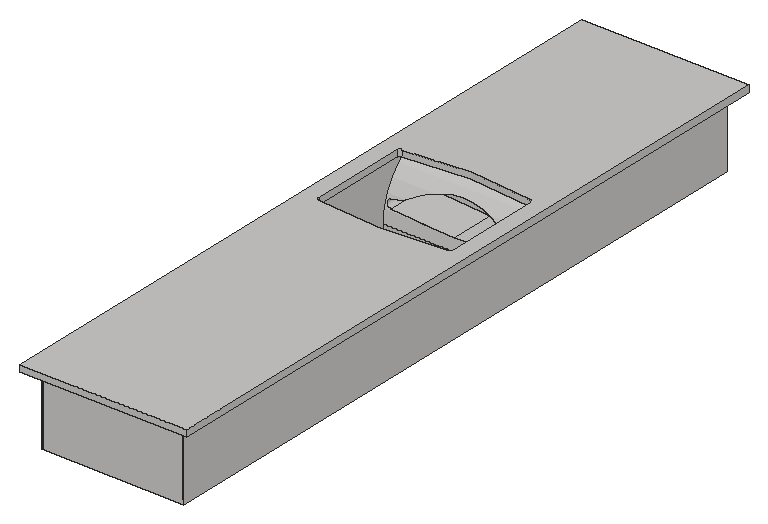
Revit family "Towel_Dispenser-Bradley_Corp-2017", category Specialty Equipment, host Face, Revit 2012
Parameters (values of type "Recessed")
  Width = 13"
  Warranty Information = "Complete unit, excepting mirrors warranted for one year.\r\n Stainless steel mirror frames for fifteen years.\r\n Plate glass mirrors for fifteen years.\r\n This warranty does not cover installation or any other labor charges and does not apply to any units,\r\n which have been damaged by accident, abuse, improper installation, improper maintenance, or altered in any way."
  Void Width = 11 3/4"
  Void Height = 53 5/8"
  Void Depth = 5 3/4"
  Version = "2.0"
  URL = "http://www.bradleycorp.com/"
  Type Comments = "Recessed"
  Technical Data = ""
  Specifications URL = "http://www.bradleycorp.com/3partspec"
  Product Tech Data URL - Spanish = ""
  Product Tech Data URL - French = ""
  Product Tech Data URL - English = "http://bradleycorp.com/download/115/8050.pdf"
  OmniClass Table 23 Title = "Paper Towel Dispenser, Disposal Units"
  OmniClass Table 23 Number = "23-31 25 19 11"
  OmniClass Table 21 Title = "Toilet, Bath, and Laundry Accessories"
  OmniClass Table 21 Number = "21-03 10 90 40"
  Modeling Code = ""
  Model = "2017-000000"
  MasterFormat Title = "Toilet Accessories"
  MasterFormat Number = "10 28 13. 13"
  Manufacturer = "Bradley Corporation"
  Industry Standards = ""
  Height = 55"
  Fire Rating = "n/a"
  Description = "Recessed Towel Dispenser/Waste Receptacle"
  Depth of which projects = 1/2"
  Depth = 6"
  Default Elevation = 48"
  Copyright = "This Model Data is Property of Bradley Corporation"
  Cabinet Material = Bradley Corp Stainless Steel - Satin
  Buy American Act = "Yes"
  Assembly Code = "C1030200"
  ADA Compliant = "Yes"
Types (4): name | Void Depth | Type Comments | Model | Description | Depth of which projects
  (no name) | 5 3/4" | "Recessed" | "2017-000000" | "Recessed Towel Dispenser/Waste Receptacle" | 1/2"
  Recessed | 5 3/4" | "Recessed" | "2017-000000" | "Recessed Towel Dispenser/Waste Receptacle" | 1/2"
  Semi-Recessed | 3 1/2" | "Semi-Recessed" | "2017-100000" | "Semi-Recessed Towel Dispenser/Waste Receptacle" | 2 1/2"
  Surface-Mounted | 1/128" | "Surface-Mounted" | "2017-110000" | "Surface-Mounted Towel Dispenser/Waste Receptacle" | 6"
Reference planes (in)
  plane 1 "Center (Front/Back)": y = 0
  plane 2: z = 0
  plane 3 "Center (Left/Right)": x = 0
  plane 4 "Front": z = 0.5
  plane 5 "Top": y = 27.5
  plane 6 "Right": x = 6.5
  plane 7 "Bottom": y = -27.5
  plane 8 "Left": x = -6.5
  plane 9 "Back": z = -5.5
  plane 10 "Panel": z = 0
  plane 11 "Center (Elevation)": y = 7
  plane 12: x = -5.5
  plane 13: x = 5.5
  plane 14: y = -26.5
  plane 15: y = 26.5
Forms (in)
  Extrusion 1, void
    sketch origin (0, 0, 0) x (1, 0, 0) y (0, 1, 0)
      loop
        line (-5.875, 26.8125) -> (-5.875, -26.8125) -> (5.875, -26.8125) -> (5.875, 26.8125) -> (-5.875, 26.8125)
    from -5.75 to 0.5
  Extrusion 2, solid, material "Bradley Corp Stainless Steel - Satin" <- "Cabinet Material", detail levels fine
    sketch origin (0, 0, 0) x (1, 0, 0) y (0, 1, 0)
      loop
        line (-6.5, 27.5) -> (-6.5, -27.5) -> (6.5, -27.5) -> (6.5, 27.5) -> (-6.5, 27.5)
      loop
        line (5.5, -26.5) -> (5.5, 26.5) -> (-5.5, 26.5) -> (-5.5, -26.5) -> (5.5, -26.5)
    from 0 to 0.5
  Extrusion 3, solid, material "Bradley Corp Stainless Steel - Satin" <- "Cabinet Material"
    sketch origin (0, 0, -5.5) x (-1, 0, 0) y (0, -1, 0)
      loop
        line (5.5, -26.5) -> (5.5, 26.5) -> (-5.5, 26.5) -> (-5.5, -26.5) -> (5.5, -26.5)
    from 0 to 0.25
  Extrusion 4, solid, material "Bradley Corp Stainless Steel - Satin" <- "Cabinet Material", detail levels fine
    sketch origin (0, 0, -5.5) x (-1, 0, 0) y (0, -1, 0)
      loop
        line (5.5, -26.5) -> (5.5, 26.5) -> (-5.5, 26.5) -> (-5.5, -26.5) -> (5.5, -26.5)
      loop
        line (5.5625, -26.5625) -> (5.5625, 26.5625) -> (-5.5625, 26.5625) -> (-5.5625, -26.5625) -> (5.5625, -26.5625)
    from 0 to 6
  Extrusion 5, solid, material "Bradley Corp Stainless Steel - Satin" <- "Cabinet Material", detail levels fine
    sketch origin (0, 0, -5.5) x (-1, 0, 0) y (0, -1, 0)
      loop
        line (6.5, -27.5) -> (6.5, 27.5) -> (-6.5, 27.5) -> (-6.5, -27.5) -> (6.5, -27.5)
      loop
        line (5.25, -7.77882) -> (5.25, -0.12517)
        arc (5.25, -0.12517) -> (5.19106, 0.03607) -> (5.04202, 0.12127) r 0.25
        arc (5.04202, 0.12127) -> (0, 0.54801) -> (-5.04202, 0.12127) r 30
        arc (-5.04202, 0.12127) -> (-5.19106, 0.03607) -> (-5.25, -0.12517) r 0.25
        line (-5.25, -0.12517) -> (-5.25, -7.77882)
        arc (-5.25, -7.77882) -> (-5.19106, -7.94006) -> (-5.04202, -8.02526) r 0.25
        arc (-5.04202, -8.02526) -> (0, -8.45199) -> (5.04202, -8.02526) r 30
        arc (5.04202, -8.02526) -> (5.19106, -7.94006) -> (5.25, -7.77882) r 0.25
    from 5.5 to 6
  Extrusion 6, solid, material "Bradley Corp Stainless Steel - Satin" <- "Cabinet Material", detail levels fine
    sketch origin (0, 0, 0) x (0, 1, 0) y (0, 0, 1)
      loop
        line (6.6875, -5.5) -> (26.5, -5.5) -> (26.5, 0) -> (9.01303, 0)
        arc (9.01303, 0) -> (7.30669, -1.83522) -> (6.6875, -4.26344) r 5.07088
        line (6.6875, -4.26344) -> (6.6875, -5.5)
    from -5.5 to 5.5
  Sweep 7, solid, material "Bradley Corp Stainless Steel - Satin" <- "Cabinet Material", detail levels medium+fine
    path origin (0, 0, -5.5) x (-1, 0, 0) y (0, -1, 0)
      loop
        line (5.4375, 10.25) -> (-5.4375, 10.25)
    profile origin (0, -10.25, -5.5) x (0, 1, 0) y (0, 0, 1)
      loop
        line (9.75, 4.74946) -> (9.75, 5.5) -> (-16.25, 5.5) -> (-16.25, 0.3125) -> (10.6118, 0.3125) -> (9.42293, 4.74946) -> (9.75, 4.74946)
  Extrusion 8, void
    sketch origin (0, -27.5, 0) x (1, 0, 0) y (0, 0, 1)
      loop
        line (0, -3.41304) -> (4.94297, -3.10151)
        arc (4.94297, -3.10151) -> (5.25592, -2.78857) -> (4.94297, -2.47562) r 0.31295
        arc (4.94297, -2.47562) -> (4.35822, -2.39344) -> (3.81878, -2.15326) r 2.12143
        arc (3.81878, -2.15326) -> (1.9863, -1.34035) -> (0, -1.06939) r 7.13366
        arc (0, -1.06939) -> (-1.9863, -1.34035) -> (-3.81878, -2.15326) r 7.13366
        arc (-3.81878, -2.15326) -> (-4.35822, -2.39344) -> (-4.94297, -2.47562) r 2.12143
        arc (-4.94297, -2.47562) -> (-5.25592, -2.78857) -> (-4.94297, -3.10151) r 0.31295
        line (-4.94297, -3.10151) -> (0, -3.41304)
    from -30.92121 to -37.86454
  Extrusion 9, solid, material "Bradley Corp Stainless Steel - Satin" <- "Cabinet Material", detail levels medium
    sketch origin (0, 0, 0) x (0, 1, 0) y (0, 0, 1)
      loop
        line (26.5, 0) -> (9.01303, 0)
        arc (9.01303, 0) -> (7.30669, -1.83522) -> (6.6875, -4.26344) r 5.07088
        line (6.6875, -4.26344) -> (6.6875, -5.5) -> (26.5, -5.5) -> (26.5, 0)
    from -5.5 to 5.5
  Extrusion 10, solid, material "Bradley Corp Stainless Steel - Satin" <- "Cabinet Material", detail levels medium
    sketch origin (0, 0, 0.5) x (-1, 0, 0) y (0, -1, 0)
      loop
        line (6.5, -27.5) -> (6.5, 27.5) -> (-6.5, 27.5) -> (-6.5, -27.5) -> (6.5, -27.5)
      loop
        line (-5.25, -8.45199) -> (5.25, -8.45199) -> (5.25, 0.54801) -> (-5.25, 0.54801) -> (-5.25, -8.45199)
    from 0 to -0.5
  Extrusion 11, solid, material "Bradley Corp Stainless Steel - Satin" <- "Cabinet Material", detail levels medium
    sketch origin (0, 0, 0.5) x (-1, 0, 0) y (0, -1, 0)
      loop
        line (6.5, 27.5) -> (-6.5, 27.5) -> (-6.5, -27.5) -> (6.5, -27.5) -> (6.5, 27.5)
      loop
        line (5.5, 26.5) -> (-5.5, 26.5) -> (-5.5, -26.5) -> (5.5, -26.5) -> (5.5, 26.5)
    from -0.5 to 0
  Extrusion 12, solid, material "Bradley Corp Stainless Steel - Satin" <- "Cabinet Material", detail levels medium
    sketch origin (0, 0, 0.5) x (-1, 0, 0) y (0, -1, 0)
      loop
        line (5.5, 26.5) -> (-5.5, 26.5) -> (-5.5, -26.5) -> (5.5, -26.5) -> (5.5, 26.5)
      loop
        line (5.5625, 26.5625) -> (-5.5625, 26.5625) -> (-5.5625, -26.5625) -> (5.5625, -26.5625) -> (5.5625, 26.5625)
    from 0 to -6
  Extrusion 13, solid, material "Bradley Corp Stainless Steel - Satin" <- "Cabinet Material", detail levels coarse
    sketch origin (0, 0, 0.5) x (-1, 0, 0) y (0, -1, 0)
      loop
        line (6.5, -27.5) -> (6.5, 27.5) -> (-6.5, 27.5) -> (-6.5, -27.5) -> (6.5, -27.5)
      loop
        line (-5.25, -8.45199) -> (5.25, -8.45199) -> (5.25, 0.54801) -> (-5.25, 0.54801) -> (-5.25, -8.45199)
    from -0.5 to 0
  Extrusion 14, solid, material "Bradley Corp Stainless Steel - Satin" <- "Cabinet Material", detail levels coarse
    sketch origin (0, 0, 0.5) x (-1, 0, 0) y (0, -1, 0)
      loop
        line (5.5625, -26.5625) -> (5.5625, 26.5625) -> (-5.5625, 26.5625) -> (-5.5625, -26.5625) -> (5.5625, -26.5625)
    from -6 to -0.5
Cuts and joins
  joined: Extrusion 2, Extrusion 4, Extrusion 5
  Extrusion 8 cuts Extrusion 6
  joined: Extrusion 10, Extrusion 11, Extrusion 12
  joined: Extrusion 13, Extrusion 14
Lines and regions (in)
  Masking region 1
    outline origin (0, 0, 0.5) x (-1, 0, 0) y (0, -1, 0)
      loop
        line (6.5, -27.5) -> (6.5, 27.5) -> (-6.5, 27.5) -> (-6.5, -27.5) -> (6.5, -27.5)
  Masking region 2
    outline origin (0, 0, 0) x (1, 0, 0) y (0, 0, 1)
      loop
        line (6.5, 0.5) -> (-6.5, 0.5) -> (-6.5, 0) -> (6.5, 0) -> (6.5, 0.5)
  Masking region 3
    outline origin (0, 0, 0) x (0, 1, 0) y (0, 0, 1)
      loop
        line (-27.5, 0.5) -> (-27.5, 0) -> (27.5, 0) -> (27.5, 0.5) -> (-27.5, 0.5)
  model lines, detail levels fine
    curve 1: line (6.5, -27.5, 0) -> (6.5, 27.5, 0)
    curve 2: line (6.5, 27.5, 0) -> (-6.5, 27.5, 0)
    curve 3: line (-6.5, 27.5, 0) -> (-6.5, -27.5, 0)
    curve 4: line (-6.5, -27.5, 0) -> (6.5, -27.5, 0)
    curve 6: circle (-4.52758, 18.44597, 0.5) r 0.30078 normal (0, 0, 1)
    curve 8: circle (-4.52758, -4.55403, 0.5) r 0.30078 normal (0, 0, 1)
  model lines, detail levels medium+fine
    curve 5: circle (-4.52758, 18.44597, 0.5) r 0.46094 normal (0, 0, 1)
    curve 7: circle (-4.52758, -4.55403, 0.5) r 0.46094 normal (0, 0, 1)
  symbolic lines, detail levels medium+fine
    curve 9: line (-5.5, 26.5, 0.5) -> (5.5, 26.5, 0.5)
    curve 10: line (-5.5, -26.5, 0.5) -> (-5.5, 26.5, 0.5)
    curve 11: line (5.5, -26.5, 0.5) -> (-5.5, -26.5, 0.5)
    curve 12: line (5.5, 26.5, 0.5) -> (5.5, -26.5, 0.5)
    curve 13: circle (-4.52758, -4.55403, 0.5) r 0.46094 normal (0, 0, 1)
    curve 16: circle (-4.52758, 18.44597, 0.5) r 0.46094 normal (0, 0, 1)
  symbolic lines, detail levels fine
    curve 14: circle (-4.52758, -4.55403, 0.5) r 0.30078 normal (0, 0, 1)
    curve 15: circle (-4.52758, 18.44597, 0.5) r 0.30078 normal (0, 0, 1)
    curve 27: line (-3.81873, 7.14743, 0.5) -> (0, 7.81986, 0.5)
    curve 28: line (0, 7.81986, 0.5) -> (3.81871, 7.14743, 0.5)
    curve 29: spline (3.81871, 7.14743, 0.5) -> (3.90217, 7.1249, 0.5) -> (3.98824, 7.1043, 0.5) -> (4.07672, 7.08568, 0.5) -> (4.16738, 7.06908, 0.5) -> (4.25999, 7.05455, 0.5) -> (4.35431, 7.04212, 0.5) -> (4.45011, 7.03183, 0.5) -> (4.54715, 7.0237, 0.5) -> (4.64519, 7.01775, 0.5) -> (4.74397, 7.014, 0.5) -> (4.84325, 7.01246, 0.5) -> (4.94277, 7.01312, 0.5)
    curve 30: line (4.94277, 7.01312, 0.5) -> (4.94297, 6.82241, 0.5)
    curve 31: line (4.94297, 6.82241, 0.5) -> (0, 6.75931, 0.5)
    curve 32: line (0, 6.75931, 0.5) -> (-4.94297, 6.82241, 0.5)
    curve 33: line (-4.94297, 6.82241, 0.5) -> (-4.94303, 7.01312, 0.5)
    curve 34: spline (-4.94303, 7.01312, 0.5) -> (-4.84346, 7.01407, 0.5) -> (-4.74414, 7.01694, 0.5) -> (-4.64533, 7.02173, 0.5) -> (-4.54726, 7.02842, 0.5) -> (-4.4502, 7.037, 0.5) -> (-4.35437, 7.04744, 0.5) -> (-4.26003, 7.05972, 0.5) -> (-4.16741, 7.0738, 0.5) -> (-4.07674, 7.08966, 0.5) -> (-3.98826, 7.10724, 0.5) -> (-3.90218, 7.12652, 0.5) -> (-3.81873, 7.14743, 0.5)
  symbolic lines
    curve 17: arc (-5.04202, 8.02526, 0.5) -> (0, 8.45199, 0.5) -> (5.04202, 8.02526, 0.5) r 30
    curve 18: arc (5.04202, 8.02526, 0.5) -> (5.19106, 7.94006, 0.5) -> (5.25, 7.77882, 0.5) r 0.25
    curve 19: line (5.25, 7.77882, 0.5) -> (5.25, 0.12517, 0.5)
    curve 20: arc (5.25, 0.12517, 0.5) -> (5.19106, -0.03607, 0.5) -> (5.04202, -0.12127, 0.5) r 0.25
    curve 21: arc (5.04202, -0.12127, 0.5) -> (0, -0.54801, 0.5) -> (-5.04202, -0.12127, 0.5) r 30
    curve 22: arc (-5.04202, -0.12127, 0.5) -> (-5.19106, -0.03607, 0.5) -> (-5.25, 0.12517, 0.5) r 0.25
    curve 23: line (-5.25, 0.12517, 0.5) -> (-5.25, 7.77882, 0.5)
    curve 24: arc (-5.25, 7.77882, 0.5) -> (-5.19106, 7.94006, 0.5) -> (-5.04202, 8.02526, 0.5) r 0.25
    curve 25: line (-5.25, 6.6875, 0.5) -> (5.25, 6.6875, 0.5)
    curve 26: line (5.25, 0.3618, 0.5) -> (-5.25, 0.3618, 0.5)
Dimensions and locks (in)
  "Width": plane 8 "Left" to plane 6 "Right"
  "Height": plane 5 "Top" to plane 7 "Bottom"
  equal spacing: plane 7 "Bottom", plane 1 "Center (Front/Back)", plane 5 "Top"
  equal spacing: plane 8 "Left", plane 3 "Center (Left/Right)", plane 6 "Right"
  "Depth": plane 4 "Front" to plane 9 "Back"
  locked: plane 4 "Front" to plane 10 "Panel" at 0.5
  "Depth of which projects": plane 4 "Front" to plane 2
  equal spacing: Extrusion 1 sketch curve, plane 3 "Center (Left/Right)", Extrusion 1 sketch curve
  "Void Width": Extrusion 1 sketch curve to Extrusion 1 sketch curve
  equal spacing: Extrusion 1 sketch curve, plane 1 "Center (Front/Back)", Extrusion 1 sketch curve
  "Void Height": Extrusion 1 sketch curve to Extrusion 1 sketch curve
  locked: plane 11 "Center (Elevation)" to plane 7 "Bottom" at 34.5
  locked: plane 5 "Top" to plane 15 at 1
  locked: plane 7 "Bottom" to plane 14 at 1
  locked: plane 8 "Left" to plane 12 at 1
  locked: plane 13 to plane 6 "Right" at 1
  "Void Depth": Extrusion 1 to plane 2
  locked: plane 13 to Extrusion 4 sketch curve at 0.0625
  locked: Extrusion 4 sketch curve to plane 12 at 0.0625
  locked: plane 14 to Extrusion 4 sketch curve at 0.0625
  locked: plane 15 to Extrusion 4 sketch curve at 0.0625
  locked: Extrusion 6 sketch curve to plane 9 "Back" at 1.23656
  locked: plane 15 to Extrusion 6 sketch curve at 17.48697
  locked: Sweep 7 sketch curve to plane 1 "Center (Front/Back)" at 10.25
  locked: plane 12 to Sweep 7 sketch curve at 0.0625
  locked: Sweep 7 sketch curve to plane 13 at 0.0625
  locked: Extrusion 9 sketch curve to plane 9 "Back" at 1.23656
  locked: plane 15 to Extrusion 9 sketch curve at 17.48697
  locked: Extrusion 12 sketch curve to plane 15 at 0.0625
  locked: Extrusion 12 sketch curve to plane 14 at 0.0625
  locked: Extrusion 12 sketch curve to plane 12 at 0.0625
  locked: plane 13 to Extrusion 12 sketch curve at 0.0625
  locked: plane 4 "Front" to Extrusion 8 sketch curve at 1.56939
  locked: plane 4 "Front" to Extrusion 8 sketch curve at 2.65326  (x2)
  locked: plane 4 "Front" to Extrusion 8 sketch curve at 2.97562  (x2)
  plane 4 "Front" to Extrusion 8 sketch curve = 3.60151"
  locked: plane 4 "Front" to Extrusion 8 sketch curve at 3.91304
  locked: plane 4 "Front" to Extrusion 8 sketch curve at 3.60151
  aligned and locked: plane 2 to host face
  aligned and locked: level to host face
  aligned and locked: plane 4 "Front" to Extrusion 1
  aligned and locked: plane 8 "Left" to Extrusion 2 sketch curve
  aligned and locked: Extrusion 2 sketch curve to plane 5 "Top"
  aligned and locked: plane 7 "Bottom" to Extrusion 2 sketch curve
  aligned and locked: Extrusion 2 sketch curve to plane 6 "Right"
  aligned and locked: plane 13 to Extrusion 2 sketch curve
  aligned and locked: Extrusion 2 sketch curve to plane 14
  aligned and locked: plane 15 to Extrusion 2 sketch curve
  aligned and locked: plane 12 to Extrusion 2 sketch curve
  aligned and locked: plane 4 "Front" to Extrusion 2
  aligned and locked: Extrusion 2 to plane 2
  aligned and locked: plane 10 "Panel" to curve 1
  aligned and locked: curve 3 to plane 10 "Panel"
  aligned and locked: plane 10 "Panel" to curve 2
  aligned and locked: curve 4 to plane 10 "Panel"
  aligned and locked: plane 12 to Extrusion 3 sketch curve
  aligned and locked: Extrusion 3 sketch curve to plane 15
  aligned and locked: Extrusion 3 sketch curve to plane 13
  aligned and locked: Extrusion 3 sketch curve to plane 14
  aligned and locked: Extrusion 4 sketch curve to plane 14
  aligned and locked: plane 12 to Extrusion 4 sketch curve
  aligned and locked: Extrusion 4 sketch curve to plane 13
  aligned and locked: Extrusion 4 sketch curve to plane 15
  aligned and locked: plane 4 "Front" to Extrusion 4
  aligned and locked: Extrusion 4 to plane 9 "Back"
  aligned and locked: Extrusion 5 sketch curve to plane 6 "Right"
  aligned and locked: Extrusion 5 sketch curve to plane 7 "Bottom"
  aligned and locked: Extrusion 5 sketch curve to plane 8 "Left"
  aligned and locked: Extrusion 5 sketch curve to plane 5 "Top"
  aligned and locked: plane 4 "Front" to Extrusion 5
  aligned and locked: Extrusion 5 to plane 10 "Panel"
  aligned and locked: Extrusion 6 sketch curve to plane 9 "Back"
  aligned and locked: plane 15 to Extrusion 6 sketch curve
  aligned and locked: plane 10 "Panel" to Extrusion 6 sketch curve
  aligned and locked: Extrusion 6 to plane 12
  aligned and locked: plane 13 to Extrusion 6
  aligned and locked: plane 10 "Panel" to Extrusion 9 sketch curve
  aligned and locked: plane 15 to Extrusion 9 sketch curve
  aligned and locked: plane 9 "Back" to Extrusion 9 sketch curve
  aligned and locked: Extrusion 9 to plane 12
  aligned and locked: plane 13 to Extrusion 9
  aligned and locked: Extrusion 10 sketch curve to plane 7 "Bottom"
  aligned and locked: Extrusion 10 sketch curve to plane 8 "Left"
  aligned and locked: Extrusion 10 sketch curve to plane 6 "Right"
  aligned and locked: Extrusion 10 sketch curve to plane 5 "Top"
  aligned and locked: Extrusion 10 to plane 10 "Panel"
  aligned and locked: plane 4 "Front" to Extrusion 10
  aligned and locked: plane 8 "Left" to Extrusion 11 sketch curve
  aligned and locked: plane 5 "Top" to Extrusion 11 sketch curve
  aligned and locked: plane 6 "Right" to Extrusion 11 sketch curve
  aligned and locked: plane 7 "Bottom" to Extrusion 11 sketch curve
  aligned and locked: plane 15 to Extrusion 11 sketch curve
  aligned and locked: Extrusion 11 sketch curve to plane 12
  aligned and locked: plane 13 to Extrusion 11 sketch curve
  aligned and locked: plane 14 to Extrusion 11 sketch curve
  aligned and locked: Extrusion 11 to plane 4 "Front"
  aligned and locked: Extrusion 11 to plane 2
  aligned and locked: plane 13 to Extrusion 12 sketch curve
  aligned and locked: plane 15 to Extrusion 12 sketch curve
  aligned and locked: Extrusion 12 sketch curve to plane 12
  aligned and locked: plane 14 to Extrusion 12 sketch curve
  aligned and locked: Extrusion 12 to plane 4 "Front"
  aligned and locked: Extrusion 12 to plane 9 "Back"
  aligned and locked: Extrusion 13 sketch curve to cut or joined group of Extrusion 10, Extrusion 11, Extrusion 12  (x3)
  aligned and locked: cut or joined group of Extrusion 10, Extrusion 11, Extrusion 12 to Extrusion 13 sketch curve
  aligned and locked: Extrusion 13 sketch curve to plane 8 "Left"
  aligned and locked: Extrusion 13 sketch curve to plane 6 "Right"
  aligned and locked: Extrusion 13 sketch curve to plane 5 "Top"
  aligned and locked: Extrusion 13 sketch curve to plane 7 "Bottom"
  aligned and locked: Extrusion 13 to plane 4 "Front"
  aligned and locked: Extrusion 13 to plane 2
  aligned and locked: cut or joined group of Extrusion 13, Extrusion 14 to plane 10 "Panel"
  aligned and locked: cut or joined group of Extrusion 13, Extrusion 14 to plane 9 "Back"
  aligned and locked: Masking region 1 sketch curve to curve 2
  aligned and locked: Masking region 1 sketch curve to curve 3
  aligned and locked: Masking region 1 sketch curve to curve 4
  aligned and locked: Masking region 1 sketch curve to curve 1
  aligned and locked: Masking region 2 sketch curve to cut or joined group of Extrusion 2, Extrusion 4, Extrusion 5  (x4)
  aligned and locked: Masking region 3 sketch curve to cut or joined group of Extrusion 2, Extrusion 4, Extrusion 5  (x4)
Automatic sketch dimensions
  host sketch curve to host sketch curve = 23.29128"
  host sketch curve to host sketch curve = 63.93284"
  Extrusion 6 sketch curve to Extrusion 6 sketch curve = 2.74535"
  curve 1 to Extrusion 2 = 0"  (x2)
  curve 2 to Extrusion 2 = 0"  (x2)
  curve 3 to Extrusion 2 = 0"  (x2)
  curve 4 to Extrusion 2 = 0"  (x2)
  Extrusion 5 sketch curve to plane 3 "Center (Left/Right)" = 0"  (x2)
  Extrusion 5 sketch curve to plane 13 = 1/4"
  plane 1 "Center (Front/Back)" to Extrusion 5 sketch curve = 0.12127"
  Extrusion 5 sketch curve to Extrusion 5 sketch curve = 0.20798"  (x2)
  Extrusion 5 sketch curve to Extrusion 5 sketch curve = 0"  (x3)
  Extrusion 5 sketch curve to Extrusion 5 sketch curve = 1/4"
  Extrusion 5 sketch curve to plane 1 "Center (Front/Back)" = 0.12517"  (x2)
  plane 12 to Extrusion 5 sketch curve = 1/2"  (x2)
  Extrusion 5 sketch curve to Extrusion 5 sketch curve = 0.04202"
  plane 11 "Center (Elevation)" to Extrusion 5 sketch curve = 1.02526"
  plane 9 "Back" to Sweep 7 sketch curve = 5 1/2"
  profile plane to Sweep 7 sketch curve = 16 1/4"
  Sweep 7 sketch curve to profile plane = 9.42293"
  Sweep 7 sketch curve to Sweep 7 sketch curve = 0.32707"
  plane 9 "Back" to Sweep 7 sketch curve = 5/16"
  Sweep 7 sketch curve to Sweep 7 sketch curve = 0.8618"
  Sweep 7 sketch curve to Sweep 7 sketch curve = 0.75054"
  Extrusion 8 sketch curve to plane 3 "Center (Left/Right)" = 0"  (x2)
  Extrusion 8 sketch curve to plane 3 "Center (Left/Right)" = 0.03852"
  Extrusion 8 sketch curve to Extrusion 8 sketch curve = 0"  (x2)
  Extrusion 8 sketch curve to plane 10 "Panel" = 0.35419"
  plane 3 "Center (Left/Right)" to Extrusion 8 sketch curve = 0.03852"
  Extrusion 8 sketch curve to plane 13 = 1.68122"
  Extrusion 8 sketch curve to Extrusion 8 sketch curve = 0.31295"  (x2)
  plane 11 "Center (Elevation)" to Extrusion 9 sketch curve = 4.75838"
  Extrusion 10 sketch curve to plane 6 "Right" = 0"
  Extrusion 10 sketch curve to plane 13 = 1/4"
  plane 12 to Extrusion 10 sketch curve = 1/4"
  plane 11 "Center (Elevation)" to Extrusion 10 sketch curve = 1.45199"
  plane 1 "Center (Front/Back)" to Extrusion 10 sketch curve = 0.54801"
  plane 13 to Extrusion 14 sketch curve = 1/16"
  Extrusion 14 sketch curve to plane 12 = 1/16"
  plane 15 to Extrusion 14 sketch curve = 1/16"
  plane 14 to Extrusion 14 sketch curve = 1/16"
  curve 5 to curve 6 = 0"  (x2)
  curve 5 to curve 15 = 0"  (x2)
  curve 5 to curve 16 = 0"  (x2)
  curve 7 to curve 8 = 0"  (x2)
  curve 7 to curve 13 = 0"  (x2)
  curve 7 to curve 14 = 0"  (x2)
  curve 12 to plane 13 = 0"
  curve 32 to plane 3 "Center (Left/Right)" = 0"
  curve 17 to plane 3 "Center (Left/Right)" = 0"
  curve 27 to plane 3 "Center (Left/Right)" = 0"
  curve 21 to plane 3 "Center (Left/Right)" = 0"
  curve 10 to plane 12 = 0"
  curve 10 to plane 15 = 0"
  plane 14 to curve 10 = 0"
  curve 26 to plane 13 = 1/4"
  plane 1 "Center (Front/Back)" to curve 21 = 0.12127"
  curve 19 to curve 21 = 0.20798"
  curve 20 to curve 21 = 0"
  curve 19 to curve 18 = 0.20798"
  curve 17 to curve 18 = 0"
  curve 19 to curve 18 = 1/4"
  curve 20 to plane 1 "Center (Front/Back)" = 0.12517"
  curve 31 to plane 11 "Center (Elevation)" = 0.17759"
  curve 25 to curve 31 = 0.30703"
  plane 11 "Center (Elevation)" to curve 30 = 0.01312"
  curve 30 to curve 30 = 0.00019"
  curve 18 to curve 29 = 0.05822"
  plane 11 "Center (Elevation)" to curve 29 = 0.14743"
  curve 30 to curve 29 = 1.12407"
  plane 11 "Center (Elevation)" to curve 29 = 0.84677"
  plane 11 "Center (Elevation)" to curve 27 = 0.14743"
  plane 12 to curve 27 = 1.68127"
  plane 12 to curve 7 = 0.97242"
  plane 12 to curve 16 = 0.97242"
  plane 12 to curve 34 = 0.5572"
  curve 32 to plane 11 "Center (Elevation)" = 0.17759"
  plane 12 to curve 32 = 0.55703"
  plane 11 "Center (Elevation)" to curve 34 = 0.01312"
  curve 32 to curve 34 = 0.00006"
  curve 34 to curve 24 = 0.0572"
  curve 22 to plane 1 "Center (Front/Back)" = 0.12517"
  plane 12 to curve 22 = 1/2"
  curve 24 to curve 24 = 0.04202"
  curve 17 to curve 24 = 0"
  plane 8 "Left" to curve 34 = 0.42633"
  curve 5 to plane 15 = 8.05403"
  curve 17 to curve 29 = 0.13526"
  plane 11 "Center (Elevation)" to curve 27 = 0.81986"
  curve 31 to plane 11 "Center (Elevation)" = 0.24069"
  curve 25 to plane 11 "Center (Elevation)" = 5/16"
  curve 26 to curve 22 = 0.23663"
  curve 21 to curve 8 = 4.43276"
  radius of curve 5 = 59/128"
  radius of curve 6 = 77/256"
  radius of curve 7 = 59/128"
  radius of curve 8 = 77/256"
  radius of curve 13 = 59/128"
  radius of curve 14 = 77/256"
  radius of curve 15 = 77/256"
  radius of curve 16 = 59/128"
